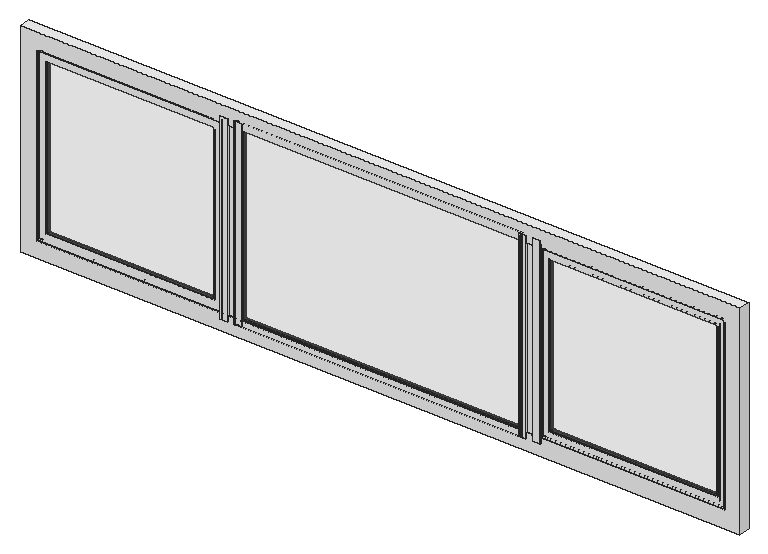
Revit family
Parameters (values of type "TH-PTT2106")
  Height = 590 mm
  Head Height = 2125 mm
  Default Sill Height = Head Height - Height  # 1535 mm
  Wall Closure = (empty or 0)
  Width = 2090 mm
Types (5, lengths in mm): name | Width
  (no name) | 2090
  TH-PTT1506 | 1490
  TH-PTT1806 | 1790
  TH-PTT2106 | 2090
  TH-PTT2406 | 2390
Reference planes
  plane 1 "Center (Front/Back)": y = 0
  plane 2 "Center (Left/Right)": x = 0
  plane 3 "Left": x = -1045
  plane 4 "Right": x = 1045
  plane 5 "Sill": z = 1535
  plane 6 "Head": z = 2125
  plane 7 "Exterior": y = 100
  plane 8 "Interior": y = -100
  plane 9: y = -30.5
  plane 10: x = 450
  plane 11: x = -450
  plane 12: z = 1830
Forms (mm)
  Sweep 1, solid, material "Default Frame"
    path origin (0, 100, 0) x (1, 0, 0) y (0, 0, 1)
      loop
        line (1045, 2125) -> (-1045, 2125) -> (-1045, 1535) -> (1045, 1535) -> (1045, 2125)
    profile origin (0, 100, 2125) x (0, 0, -1) y (0, -1, 0)
      loop
        line (0, 115.25) -> (0, 84.75) -> (30.58, 84.75) -> (30.58, 87.464) -> (28.08, 86.021) -> (28.08, 113.85) -> (39.575, 113.85) -> (39.575, 111.85) -> (46.275, 111.85)
        arc (46.275, 111.85) -> (46.875, 111.25) -> (47.475, 111.85) r 0.6
        line (47.475, 111.85) -> (47.475, 115.25) -> (0, 115.25)
  Extrusion 2, solid, material "Glass"
    sketch origin (0, 0.5, -37.769) x (1, 0, 0) y (0, 0, 1)
      loop
        line (-472.64, 2106.889) -> (-989.12, 2106.889) -> (-989.12, 1628.609) -> (-472.64, 1628.609) -> (-472.64, 2106.889)
    from 0 to 3
  Sweep 3, solid, material "Default Frame"
    path origin (-2016.822, 100, 1819.513) x (0, 0, -1) y (1, 0, 0)
      loop
        line (253.933, 2475) -> (-274.907, 2475)
    profile origin (458.178, 100, 1830) x (-1, 0, 0) y (0, -1, 0)
      loop
        line (-6.102, 115.25) -> (-6.102, 111.85)
        arc (-6.102, 111.85) -> (-5.502, 111.25) -> (-4.902, 111.85) r 0.6
        line (-4.902, 111.85) -> (1.798, 111.85) -> (1.798, 113.85) -> (13.298, 113.85) -> (13.298, 86.026) -> (10.798, 87.47) -> (10.798, 84.75) -> (38.798, 84.75) -> (38.798, 87.47) -> (36.298, 86.026) -> (36.298, 113.85) -> (47.798, 113.85) -> (47.798, 111.85) -> (54.498, 111.85)
        arc (54.498, 111.85) -> (55.098, 111.25) -> (55.698, 111.85) r 0.6
        line (55.698, 111.85) -> (55.698, 115.25) -> (34.298, 115.25) -> (34.298, 111.07) -> (15.298, 111.07) -> (15.298, 115.25) -> (-6.102, 115.25)
  Extrusion 4, solid, material "Glass"
    sketch origin (0, 0.5, 49.432) x (-1, 0, 0) y (0, 0, -1)
      loop
        line (-472.64, -2019.688) -> (-472.64, -1541.408) -> (-989.12, -1541.408) -> (-989.12, -2019.688) -> (-472.64, -2019.688)
    from 0 to 3
  Sweep 5, solid, material "Rubber seal"
    path origin (61.34, -100, -61.34) x (-1, 0, 0) y (0, 0, 1)
      loop
        line (-394.08, 2147.68) -> (-945, 2147.68) -> (-945, 1635) -> (-394.08, 1635) -> (-394.08, 2147.68)
    profile origin (730.88, -100, 2086.34) x (0, 0, -1) y (0, 1, 0)
      loop
        line (30.038, 104.637) -> (23.669, 104.637) -> (23.669, 100.5) -> (34.175, 100.5) -> (30.038, 104.637)
      loop
        line (34.175, 97.5) -> (23.669, 97.5) -> (23.669, 92.75) -> (30.895, 92.75) -> (34.175, 97.5)
  Sweep 6, solid, material "Default Frame"
    path origin (789.08, -100, -50) x (1, 0, 0) y (0, 0, -1)
      loop
        line (205.92, -2125) -> (205.92, -1634.96) -> (-322.32, -1634.96) -> (-322.32, -2125) -> (205.92, -2125)
    profile origin (730.88, -100, 2075) x (0, 0, 1) y (0, 1, 0)
      loop
        line (-2.36, 95.735) -> (-1.858, 90.997)
        arc (-1.858, 90.997) -> (-1.541, 90.736) -> (-1.26, 91.035) r 0.3
        line (-1.26, 91.035) -> (-1.26, 117.263) -> (-3.26, 116.536) -> (-3.26, 118.735) -> (-4.719, 118.735) -> (-17.687, 105.637) -> (-17.687, 104.637) -> (-5.88, 104.637) -> (-5.88, 105.637) -> (-2.36, 105.637) -> (-2.36, 95.735)
  Sweep 7, solid, material "Default Frame"
    path origin (811.8, -100, -50) x (1, 0, 0) y (0, 0, -1)
      loop
        line (183.2, -2125) -> (183.2, -1635) -> (-345, -1635) -> (-345, -2125) -> (183.2, -2125)
    profile origin (730.9, -100, 2075) x (0, 0, 1) y (0, 1, 0)
      loop
        line (10.425, 88.75) -> (10.425, 91.464) -> (7.92, 90.018) -> (7.92, 117.85) -> (19.42, 117.85) -> (19.42, 115.85) -> (26.12, 115.85)
        arc (26.12, 115.85) -> (26.72, 115.25) -> (27.32, 115.85) r 0.6
        line (27.32, 115.85) -> (27.32, 119.25) -> (-3.26, 119.25) -> (-3.26, 116.536) -> (-0.76, 117.979) -> (-0.76, 90.15) -> (-12.255, 90.15) -> (-12.255, 92.15) -> (-18.955, 92.15)
        arc (-18.955, 92.15) -> (-19.555, 92.75) -> (-20.155, 92.15) r 0.6
        line (-20.155, 92.15) -> (-20.155, 88.75) -> (10.425, 88.75)
  Sweep 8, solid, material "Default Frame"
    path origin (62.14, -108.01, -50) x (-1, 0, 0) y (0, 0, 1)
      loop
        line (507.52, 2170.4) -> (-383.2, 2170.4) -> (-383.2, 1589.6) -> (507.52, 1589.6) -> (507.52, 2170.4)
    profile origin (-0.02, -108.01, 2120.4) x (0, 0, -1) y (0, 1, 0)
      loop
        line (25.06, 99.74) -> (25.06, 109.642) -> (28.58, 109.642) -> (28.58, 108.642) -> (40.387, 108.642) -> (40.387, 109.642) -> (27.419, 122.74) -> (25.96, 122.74) -> (25.96, 120.541) -> (23.96, 121.269) -> (23.96, 95.04)
        arc (23.96, 95.04) -> (24.241, 94.741) -> (24.558, 95.003) r 0.3
        line (24.558, 95.003) -> (25.06, 99.74)
  Extrusion 9, solid, material "Glass"
    sketch origin (378.196, -3.505, -44.531) x (1, 0, 0) y (0, 0, 1)
      loop
        line (38.563, 2136.351) -> (-794.996, 2136.351) -> (-794.996, 1612.712) -> (38.563, 1612.712) -> (38.563, 2136.351)
    from 0 to 3
  Sweep 10, solid, material "Rubber seal"
    path origin (262.173, -108.01, -50) x (1, 0, 0) y (0, 0, -1)
      loop
        line (183.24, -2170.4) -> (183.24, -1589.6) -> (-707.553, -1589.6) -> (-707.553, -2170.4) -> (183.24, -2170.4)
    profile origin (0.017, -108.01, 2120.4) x (0, 0, 1) y (0, 1, 0)
      loop
        line (-41.398, 108.642) -> (-45.535, 104.505) -> (-35.029, 104.505) -> (-35.029, 108.642) -> (-41.398, 108.642)
      loop
        line (-45.535, 101.505) -> (-42.255, 96.755) -> (-35.029, 96.755) -> (-35.029, 101.505) -> (-45.535, 101.505)
  Sweep 11, solid, material "Default Frame"
    path origin (2016.822, 100, 1819.513) x (0, 0, -1) y (1, 0, 0)
      loop
        line (253.933, -2475) -> (-274.907, -2475)
    profile origin (-458.178, 100, 1830) x (-1, 0, 0) y (0, -1, 0)
      loop
        line (6.102, 115.25) -> (-15.298, 115.25) -> (-15.298, 111.07) -> (-34.298, 111.07) -> (-34.298, 115.25) -> (-55.698, 115.25) -> (-55.698, 111.85)
        arc (-55.698, 111.85) -> (-55.098, 111.25) -> (-54.498, 111.85) r 0.6
        line (-54.498, 111.85) -> (-47.798, 111.85) -> (-47.798, 113.85) -> (-36.298, 113.85) -> (-36.298, 86.026) -> (-38.798, 87.47) -> (-38.798, 84.75) -> (-10.798, 84.75) -> (-10.798, 87.47) -> (-13.298, 86.026) -> (-13.298, 113.85) -> (-1.798, 113.85) -> (-1.798, 111.85) -> (4.902, 111.85)
        arc (4.902, 111.85) -> (5.502, 111.25) -> (6.102, 111.85) r 0.6
        line (6.102, 111.85) -> (6.102, 115.25)
  Sweep 12, solid, material "Rubber seal"
    path origin (-61.34, -100, -61.34) x (1, 0, 0) y (0, 0, -1)
      loop
        line (-394.08, -2147.68) -> (-394.08, -1635) -> (-945, -1635) -> (-945, -2147.68) -> (-394.08, -2147.68)
    profile origin (-730.88, -100, 2086.34) x (0, 0, 1) y (0, 1, 0)
      loop
        line (-30.038, 104.637) -> (-34.175, 100.5) -> (-23.669, 100.5) -> (-23.669, 104.637) -> (-30.038, 104.637)
      loop
        line (-34.175, 97.5) -> (-30.895, 92.75) -> (-23.669, 92.75) -> (-23.669, 97.5) -> (-34.175, 97.5)
  Sweep 13, solid, material "Default Frame"
    path origin (-789.08, -100, -50) x (-1, 0, 0) y (0, 0, 1)
      loop
        line (205.92, 2125) -> (-322.32, 2125) -> (-322.32, 1634.96) -> (205.92, 1634.96) -> (205.92, 2125)
    profile origin (-730.88, -100, 2075) x (0, 0, -1) y (0, 1, 0)
      loop
        line (2.36, 95.735) -> (2.36, 105.637) -> (5.88, 105.637) -> (5.88, 104.637) -> (17.687, 104.637) -> (17.687, 105.637) -> (4.719, 118.735) -> (3.26, 118.735) -> (3.26, 116.536) -> (1.26, 117.263) -> (1.26, 91.035)
        arc (1.26, 91.035) -> (1.541, 90.736) -> (1.858, 90.997) r 0.3
        line (1.858, 90.997) -> (2.36, 95.735)
  Sweep 14, solid, material "Default Frame"
    path origin (-811.8, -100, -50) x (-1, 0, 0) y (0, 0, 1)
      loop
        line (183.2, 2125) -> (-345, 2125) -> (-345, 1635) -> (183.2, 1635) -> (183.2, 2125)
    profile origin (-730.9, -100, 2075) x (0, 0, -1) y (0, 1, 0)
      loop
        line (-10.425, 88.75) -> (20.155, 88.75) -> (20.155, 92.15)
        arc (20.155, 92.15) -> (19.555, 92.75) -> (18.955, 92.15) r 0.6
        line (18.955, 92.15) -> (12.255, 92.15) -> (12.255, 90.15) -> (0.76, 90.15) -> (0.76, 117.979) -> (3.26, 116.536) -> (3.26, 119.25) -> (-27.32, 119.25) -> (-27.32, 115.85)
        arc (-27.32, 115.85) -> (-26.72, 115.25) -> (-26.12, 115.85) r 0.6
        line (-26.12, 115.85) -> (-19.42, 115.85) -> (-19.42, 117.85) -> (-7.92, 117.85) -> (-7.92, 90.018) -> (-10.425, 91.464) -> (-10.425, 88.75)
Lines and regions (mm)
  Opening 1
    outline origin (3500, -100, 0) x (1, 0, 0) y (0, 0, 1)
      loop
        line (-2455, 1535) -> (-2455, 2125) -> (-4545, 2125) -> (-4545, 1535) -> (-2455, 1535)
  symbolic lines, style "Elevation Swing"
    curve 1: line (1022.32, 19.25, 2102.32) -> (730.9, 19.25, 1557.68)
    curve 2: line (730.9, 19.25, 1557.68) -> (439.445, 19.25, 2102.355)
    curve 3: line (-1022.337, 38.5, 2102.337) -> (-730.9, 38.5, 1557.68)
    curve 4: line (-730.9, 38.5, 1557.68) -> (-439.463, 38.5, 2102.337)
Text (mm)
  text "EXTERIOR" at (-1963.203, 1332.353, 0), in view "Ref. Level"
  text "INTERIOR" at (-1981.466, -818.386, 0), in view "Ref. Level"
  text "Exterior" at (0, 923.751, 2943.296), in view "Right"
  text "Exterior" at (0, 1040.484, 2685.409), in view "Left"
Dimensions and locks
  equal spacing: plane 3 "Left", plane 2 "Center (Left/Right)", plane 4 "Right"
  "Width": plane 3 "Left" to plane 4 "Right"
  "Height": plane 5 "Sill" to plane 6 "Head"
  "Default Sill Height": plane 5 "Sill" to level
  locked: plane 7 "Exterior" to host wall at 0
  locked: plane 8 "Interior" to host wall
  plane 3 "Left" to plane 4 "Right" = 2090 mm
  Sweep 7 to Sweep 6 sketch curve = 27.32 mm
  locked: plane 10 to plane 4 "Right" at 595
  locked: plane 3 "Left" to plane 11 at 595
  Sweep 5 sketch curve to Sweep 7 = 15.98 mm
  Sweep 7 to Sweep 5 sketch curve = 15.94 mm
  plane 10 to Extrusion 4 = 22.64 mm
  Extrusion 2 to plane 11 = 22.64 mm
  plane 11 to Extrusion 9 = 33.2 mm
  Extrusion 9 to plane 10 = 33.24 mm
  Sweep 6 sketch curve to Sweep 7 = 3.3 mm
  Sweep 7 to Sweep 6 sketch curve = 3.3 mm
  Sweep 14 to Sweep 13 sketch curve = 27.32 mm
  Sweep 14 to Sweep 12 sketch curve = 15.98 mm
  Sweep 14 to Sweep 12 sketch curve = 15.94 mm
  Sweep 14 to Sweep 13 sketch curve = 3.3 mm  (x2)
  Sweep 11 to Sweep 10 sketch curve = 26 mm
  Sweep 11 to Sweep 8 sketch curve = 26 mm
  aligned and locked: curve 2 to Sweep 7
  aligned and locked: curve 4 to Sweep 14
  aligned: curve 4 to Sweep 14
Automatic sketch dimensions
  Opening 1 sketch curve to plane 3 "Left" = 0 mm
  Opening 1 sketch curve to plane 4 "Right" = 0 mm
  Opening 1 sketch curve to plane 5 "Sill" = 0 mm
  Opening 1 sketch curve to plane 6 "Head" = 0 mm
  Sweep 1 sketch curve to plane 3 "Left" = 0 mm
  Sweep 1 sketch curve to plane 4 "Right" = 0 mm
  Sweep 1 sketch curve to plane 5 "Sill" = 0 mm
  Sweep 1 sketch curve to plane 6 "Head" = 0 mm
  Sweep 1 sketch curve to profile plane = 0 mm
  Sweep 1 sketch curve to profile plane = 28.08 mm
  Sweep 1 sketch curve to Sweep 1 sketch curve = 2.5 mm
  Sweep 1 sketch curve to Sweep 1 sketch curve = 11.495 mm
  Sweep 1 sketch curve to Sweep 1 sketch curve = 6.7 mm
  Sweep 1 sketch curve to Sweep 1 sketch curve = 0.6 mm
  profile plane to Sweep 1 sketch curve = 84.75 mm
  Sweep 1 sketch curve to Sweep 1 sketch curve = 1.271 mm
  Sweep 1 sketch curve to Sweep 1 sketch curve = 2.714 mm
  Sweep 1 sketch curve to Sweep 1 sketch curve = 24.386 mm
  Sweep 1 sketch curve to Sweep 1 sketch curve = 2 mm
  Sweep 1 sketch curve to Sweep 1 sketch curve = 3.4 mm
  Extrusion 2 sketch curve to plane 3 "Left" = 55.88 mm
  plane 11 to Extrusion 2 sketch curve = 22.64 mm
  Extrusion 2 sketch curve to plane 5 "Sill" = 55.84 mm
  plane 6 "Head" to Extrusion 2 sketch curve = 55.88 mm
  plane 10 to Sweep 3 sketch curve = 8.178 mm
  plane 6 "Head" to Sweep 3 sketch curve = 30.58 mm
  Sweep 3 sketch curve to plane 5 "Sill" = 30.58 mm
  profile plane to Sweep 3 sketch curve = 6.102 mm
  Sweep 3 sketch curve to Sweep 3 sketch curve = 0.6 mm  (x2)
  Sweep 3 sketch curve to profile plane = 1.798 mm
  Sweep 3 sketch curve to profile plane = 10.798 mm
  Sweep 3 sketch curve to Sweep 3 sketch curve = 2.5 mm  (x2)
  Sweep 3 sketch curve to Sweep 3 sketch curve = 2 mm  (x4)
  Sweep 3 sketch curve to Sweep 3 sketch curve = 19 mm
  Sweep 3 sketch curve to Sweep 3 sketch curve = 11.5 mm
  Sweep 3 sketch curve to Sweep 3 sketch curve = 6.7 mm
  profile plane to Sweep 3 sketch curve = 84.75 mm
  Sweep 3 sketch curve to Sweep 3 sketch curve = 1.276 mm  (x2)
  Sweep 3 sketch curve to Sweep 3 sketch curve = 2.72 mm  (x2)
  Sweep 3 sketch curve to Sweep 3 sketch curve = 23.6 mm
  Sweep 3 sketch curve to Sweep 3 sketch curve = 0.78 mm  (x2)
  Sweep 3 sketch curve to Sweep 3 sketch curve = 3.4 mm  (x2)
  plane 4 "Right" to Extrusion 4 sketch curve = 55.88 mm
  plane 10 to Extrusion 4 sketch curve = 22.64 mm
  plane 6 "Head" to Extrusion 4 sketch curve = 55.88 mm
  Extrusion 4 sketch curve to plane 5 "Sill" = 55.84 mm
  plane 4 "Right" to Sweep 5 sketch curve = 38.66 mm
  Sweep 5 sketch curve to plane 5 "Sill" = 38.66 mm
  Sweep 5 sketch curve to profile plane = 23.669 mm
  Sweep 5 sketch curve to Sweep 5 sketch curve = 0 mm  (x2)
  Sweep 5 sketch curve to Sweep 5 sketch curve = 6.37 mm
  Sweep 5 sketch curve to Sweep 5 sketch curve = 7.226 mm
  Sweep 5 sketch curve to Sweep 5 sketch curve = 4.137 mm  (x2)
  profile plane to Sweep 5 sketch curve = 92.75 mm
  Sweep 5 sketch curve to Sweep 5 sketch curve = 4.75 mm
  Sweep 5 sketch curve to Sweep 5 sketch curve = 3 mm
  plane 6 "Head" to Sweep 6 sketch curve = 50 mm
  Sweep 6 sketch curve to plane 5 "Sill" = 49.96 mm
  profile plane to Sweep 6 sketch curve = 17.687 mm
  profile plane to Sweep 6 sketch curve = 5.88 mm
  profile plane to Sweep 6 sketch curve = 4.719 mm
  Sweep 6 sketch curve to Sweep 6 sketch curve = 1.459 mm
  profile plane to Sweep 6 sketch curve = 2.36 mm
  profile plane to Sweep 6 sketch curve = 1.858 mm
  Sweep 6 sketch curve to Sweep 6 sketch curve = 0.298 mm
  Sweep 6 sketch curve to Sweep 6 sketch curve = 0.3 mm
  profile plane to Sweep 6 sketch curve = 90.997 mm
  Sweep 6 sketch curve to Sweep 6 sketch curve = 4.738 mm
  Sweep 6 sketch curve to Sweep 6 sketch curve = 8.902 mm
  Sweep 6 sketch curve to Sweep 6 sketch curve = 1 mm  (x2)
  Sweep 6 sketch curve to Sweep 6 sketch curve = 10.899 mm
  Sweep 6 sketch curve to Sweep 6 sketch curve = 0.728 mm
  Sweep 6 sketch curve to Sweep 6 sketch curve = 2.2 mm
  plane 10 to Sweep 7 sketch curve = 16.8 mm
  plane 4 "Right" to Sweep 7 sketch curve = 50 mm
  plane 6 "Head" to Sweep 7 sketch curve = 50 mm
  Sweep 7 sketch curve to plane 5 "Sill" = 50 mm
  profile plane to Sweep 7 sketch curve = 20.155 mm
  Sweep 7 sketch curve to Sweep 7 sketch curve = 0.6 mm  (x2)
  Sweep 7 sketch curve to Sweep 7 sketch curve = 6.7 mm  (x2)
  profile plane to Sweep 7 sketch curve = 3.26 mm
  profile plane to Sweep 7 sketch curve = 0.76 mm
  Sweep 7 sketch curve to profile plane = 7.92 mm
  Sweep 7 sketch curve to Sweep 7 sketch curve = 2.505 mm
  Sweep 7 sketch curve to Sweep 7 sketch curve = 11.5 mm
  profile plane to Sweep 7 sketch curve = 88.75 mm
  Sweep 7 sketch curve to Sweep 7 sketch curve = 1.268 mm
  Sweep 7 sketch curve to Sweep 7 sketch curve = 1.4 mm
  Sweep 7 sketch curve to Sweep 7 sketch curve = 2.714 mm  (x2)
  Sweep 7 sketch curve to Sweep 7 sketch curve = 3.4 mm
  Sweep 7 sketch curve to Sweep 7 sketch curve = 24.386 mm
  Sweep 7 sketch curve to Sweep 7 sketch curve = 0.686 mm
  Sweep 7 sketch curve to Sweep 7 sketch curve = 2 mm
  Sweep 7 sketch curve to Sweep 7 sketch curve = 1.443 mm
  Sweep 8 sketch curve to plane 10 = 4.66 mm
  Sweep 8 sketch curve to plane 5 "Sill" = 4.6 mm
  plane 6 "Head" to Sweep 8 sketch curve = 4.6 mm
  Sweep 8 sketch curve to profile plane = 23.96 mm
  Sweep 8 sketch curve to Sweep 8 sketch curve = 0.3 mm
  Sweep 8 sketch curve to Sweep 8 sketch curve = 0.298 mm
  Sweep 8 sketch curve to Sweep 8 sketch curve = 0.502 mm
  Sweep 8 sketch curve to Sweep 8 sketch curve = 2 mm
  Sweep 8 sketch curve to Sweep 8 sketch curve = 1.459 mm
  Sweep 8 sketch curve to Sweep 8 sketch curve = 3.52 mm
  Sweep 8 sketch curve to Sweep 8 sketch curve = 11.806 mm
  profile plane to Sweep 8 sketch curve = 95.003 mm
  Sweep 8 sketch curve to Sweep 8 sketch curve = 4.738 mm
  Sweep 8 sketch curve to Sweep 8 sketch curve = 8.902 mm
  Sweep 8 sketch curve to Sweep 8 sketch curve = 1 mm  (x2)
  Sweep 8 sketch curve to Sweep 8 sketch curve = 10.899 mm
  Sweep 8 sketch curve to Sweep 8 sketch curve = 0.728 mm
  Sweep 8 sketch curve to Sweep 8 sketch curve = 2.2 mm
  Extrusion 9 sketch curve to plane 11 = 33.2 mm
  Extrusion 9 sketch curve to plane 10 = 33.24 mm
  Extrusion 9 sketch curve to plane 5 "Sill" = 33.18 mm
  plane 6 "Head" to Extrusion 9 sketch curve = 33.18 mm
  plane 6 "Head" to Sweep 10 sketch curve = 4.6 mm
  Sweep 10 sketch curve to plane 10 = 4.587 mm
  Sweep 10 sketch curve to plane 5 "Sill" = 4.6 mm
  profile plane to Sweep 10 sketch curve = 45.535 mm
  Sweep 10 sketch curve to Sweep 10 sketch curve = 0 mm
  Sweep 10 sketch curve to Sweep 10 sketch curve = 3.28 mm
  Sweep 10 sketch curve to Sweep 10 sketch curve = 4.137 mm  (x2)
  Sweep 10 sketch curve to Sweep 10 sketch curve = 6.37 mm
  Sweep 10 sketch curve to Sweep 10 sketch curve = 7.226 mm
  profile plane to Sweep 10 sketch curve = 96.755 mm
  Sweep 10 sketch curve to Sweep 10 sketch curve = 4.75 mm
  Sweep 10 sketch curve to Sweep 10 sketch curve = 3 mm
  plane 11 to Sweep 11 sketch curve = 8.178 mm
  plane 6 "Head" to Sweep 11 sketch curve = 30.58 mm
  Sweep 11 sketch curve to plane 5 "Sill" = 30.58 mm
  profile plane to Sweep 11 sketch curve = 55.698 mm
  Sweep 11 sketch curve to Sweep 11 sketch curve = 0.6 mm  (x2)
  Sweep 11 sketch curve to Sweep 11 sketch curve = 6.7 mm
  Sweep 11 sketch curve to Sweep 11 sketch curve = 9 mm
  Sweep 11 sketch curve to Sweep 11 sketch curve = 11.5 mm
  Sweep 11 sketch curve to Sweep 11 sketch curve = 2 mm  (x3)
  profile plane to Sweep 11 sketch curve = 15.298 mm
  profile plane to Sweep 11 sketch curve = 13.298 mm
  Sweep 11 sketch curve to Sweep 11 sketch curve = 2.5 mm
  profile plane to Sweep 11 sketch curve = 1.798 mm
  Sweep 11 sketch curve to profile plane = 4.902 mm
  profile plane to Sweep 11 sketch curve = 84.75 mm
  Sweep 11 sketch curve to Sweep 11 sketch curve = 1.276 mm  (x2)
  Sweep 11 sketch curve to Sweep 11 sketch curve = 2.72 mm  (x2)
  Sweep 11 sketch curve to Sweep 11 sketch curve = 23.6 mm
  Sweep 11 sketch curve to Sweep 11 sketch curve = 0.78 mm  (x2)
  Sweep 11 sketch curve to Sweep 11 sketch curve = 3.4 mm  (x2)
  Sweep 12 sketch curve to plane 3 "Left" = 38.66 mm
  Sweep 12 sketch curve to plane 5 "Sill" = 38.66 mm
  profile plane to Sweep 12 sketch curve = 34.175 mm
  Sweep 12 sketch curve to Sweep 12 sketch curve = 0 mm
  Sweep 12 sketch curve to Sweep 12 sketch curve = 3.28 mm
  Sweep 12 sketch curve to Sweep 12 sketch curve = 4.137 mm  (x2)
  Sweep 12 sketch curve to Sweep 12 sketch curve = 6.37 mm
  Sweep 12 sketch curve to Sweep 12 sketch curve = 7.226 mm
  profile plane to Sweep 12 sketch curve = 92.75 mm
  Sweep 12 sketch curve to Sweep 12 sketch curve = 4.75 mm
  Sweep 12 sketch curve to Sweep 12 sketch curve = 3 mm
  Sweep 13 sketch curve to plane 5 "Sill" = 49.96 mm
  plane 6 "Head" to Sweep 13 sketch curve = 50 mm
  Sweep 13 sketch curve to profile plane = 1.26 mm
  Sweep 13 sketch curve to Sweep 13 sketch curve = 0.3 mm
  Sweep 13 sketch curve to Sweep 13 sketch curve = 0.298 mm
  Sweep 13 sketch curve to profile plane = 2.36 mm
  Sweep 13 sketch curve to Sweep 13 sketch curve = 2 mm
  Sweep 13 sketch curve to Sweep 13 sketch curve = 1.459 mm
  Sweep 13 sketch curve to Sweep 13 sketch curve = 3.52 mm
  Sweep 13 sketch curve to Sweep 13 sketch curve = 11.806 mm
  profile plane to Sweep 13 sketch curve = 90.997 mm
  Sweep 13 sketch curve to Sweep 13 sketch curve = 4.738 mm
  Sweep 13 sketch curve to Sweep 13 sketch curve = 8.902 mm
  Sweep 13 sketch curve to Sweep 13 sketch curve = 1 mm  (x2)
  Sweep 13 sketch curve to Sweep 13 sketch curve = 10.899 mm
  Sweep 13 sketch curve to Sweep 13 sketch curve = 0.728 mm
  Sweep 13 sketch curve to Sweep 13 sketch curve = 2.2 mm
  plane 11 to Sweep 14 sketch curve = 16.8 mm
  Sweep 14 sketch curve to plane 3 "Left" = 50 mm
  Sweep 14 sketch curve to plane 5 "Sill" = 50 mm
  plane 6 "Head" to Sweep 14 sketch curve = 50 mm
  profile plane to Sweep 14 sketch curve = 27.32 mm
  Sweep 14 sketch curve to Sweep 14 sketch curve = 0.6 mm  (x2)
  Sweep 14 sketch curve to Sweep 14 sketch curve = 6.7 mm  (x2)
  profile plane to Sweep 14 sketch curve = 10.425 mm
  Sweep 14 sketch curve to Sweep 14 sketch curve = 2.505 mm
  Sweep 14 sketch curve to profile plane = 0.76 mm
  Sweep 14 sketch curve to Sweep 14 sketch curve = 2.5 mm
  Sweep 14 sketch curve to Sweep 14 sketch curve = 11.495 mm
  profile plane to Sweep 14 sketch curve = 88.75 mm
  Sweep 14 sketch curve to Sweep 14 sketch curve = 1.268 mm
  Sweep 14 sketch curve to Sweep 14 sketch curve = 1.4 mm
  Sweep 14 sketch curve to Sweep 14 sketch curve = 2.714 mm  (x2)
  Sweep 14 sketch curve to Sweep 14 sketch curve = 3.4 mm
  Sweep 14 sketch curve to Sweep 14 sketch curve = 24.386 mm
  Sweep 14 sketch curve to Sweep 14 sketch curve = 0.686 mm
  Sweep 14 sketch curve to Sweep 14 sketch curve = 2 mm
  Sweep 14 sketch curve to Sweep 14 sketch curve = 1.443 mm
  curve 1 to Sweep 7 = 0 mm  (x2)
  curve 2 to Sweep 7 = 260.84 mm
  curve 2 to Sweep 7 = 0.035 mm
  Sweep 7 to curve 2 = 0.035 mm
  curve 3 to plane 3 "Left" = 22.663 mm
  plane 11 to curve 4 = 280.9 mm
  curve 4 to plane 11 = 10.537 mm
  plane 6 "Head" to curve 4 = 22.663 mm
  plane 6 "Head" to curve 3 = 22.663 mm
